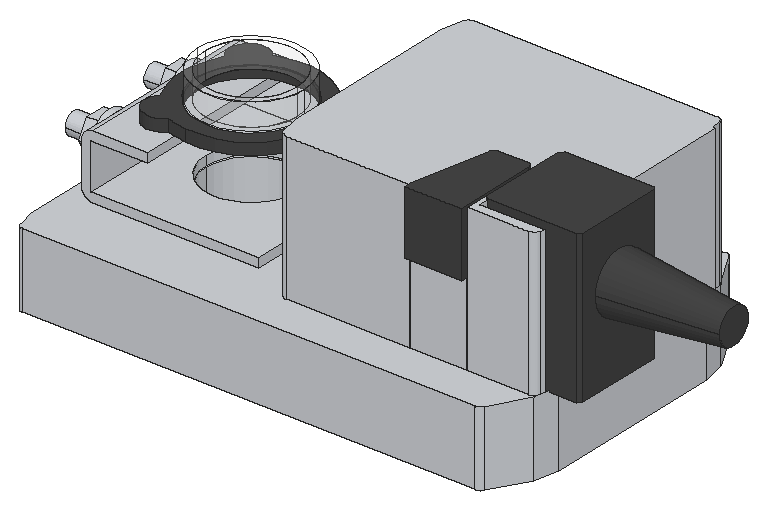
Revit family "ダンパ操作器_ver2019", category 電気設備, Revit 2019
Family settings
  パネル構成 = 2 列表示、回路横
  丸型コネクタ寸法 = 直径を使用
  パーツ タイプ = 配電盤
  作業面ベース = いいえ
  常に垂直 = はい
  ロード時にボイドで切り取り = いいえ
  共有 = いいえ
  部屋計算ポイント = いいえ
Parameters
  直径 [instance] = 10 mm
  ダクトφ [instance] = 25.998 mm
Reference planes
  plane 1 "中心(正面/背面)": y = 0
  plane 2: z = 0
  plane 3 "中心(左/右)": x = 0
Forms (mm)
  Extrusion 1, solid
    sketch origin (0, 0, 0) x (1, 0, 0) y (0, 1, 0)
      loop
        line (99.773, 44.001) -> (-26.936, 44.001)
        arc (-26.936, 44.001) -> (-28.194, 43.556) -> (-28.892, 42.419) r 1.998
        line (-28.892, 42.419) -> (-30, 37.202) -> (-30, -37.198) -> (-28.892, -42.414)
        arc (-28.892, -42.414) -> (-28.428, -43.534) -> (-27.308, -43.998) r 1.584
        line (-27.308, -43.998) -> (99.693, -43.998)
        arc (99.693, -43.998) -> (100.892, -43.676) -> (101.771, -42.798) r 2.399
        line (101.771, -42.798) -> (107.554, -32.781) -> (109.005, -25.953) -> (109.005, 25.958) -> (107.554, 32.785) -> (101.771, 42.803)
        arc (101.771, 42.803) -> (100.927, 43.66) -> (99.773, 44.001) r 2.399
    from 0 to 21
  Extrusion 2, solid
    sketch origin (0, 250.898, 0) x (1, 0, 0) y (0, 1, 0)
      loop
        line (105.888, -217.394) -> (37.647, -217.394)
        arc (37.647, -217.394) -> (36.389, -217.839) -> (35.692, -218.977) r 1.999
        line (35.692, -218.977) -> (34.406, -225.023) -> (34.406, -275.754) -> (35.692, -281.8)
        arc (35.692, -281.8) -> (36.389, -282.938) -> (37.647, -283.383) r 1.999
        line (37.647, -283.383) -> (72.327, -283.383) -> (76.964, -261.569)
        arc (76.964, -261.569) -> (77.662, -260.433) -> (78.92, -259.988) r 2
        line (78.92, -259.988) -> (86.4, -259.988)
        arc (86.4, -259.988) -> (87.814, -260.574) -> (88.4, -261.988) r 2
        line (88.4, -261.988) -> (88.4, -283.383) -> (105.888, -283.383)
        arc (105.888, -283.383) -> (107.146, -282.938) -> (107.844, -281.8) r 1.999
        line (107.844, -281.8) -> (108.082, -280.681) -> (89.897, -280.681) -> (89.897, -251.681) -> (108.998, -251.681) -> (108.998, -222.079) -> (108.37, -221.451) -> (107.855, -218.975)
        arc (107.855, -218.975) -> (107.155, -217.832) -> (105.888, -217.394) r 1.986
    from 21 to 62
  Extrusion 3, solid, material "プラスチック"
    sketch origin (0, 250.898, 0) x (1, 0, 0) y (0, 1, 0)
      loop
        line (90.298, -278.688) -> (91.298, -279.688) -> (116.298, -279.688) -> (117.298, -278.689) -> (117.298, -253.688) -> (116.298, -252.688) -> (91.298, -252.688) -> (90.298, -253.688) -> (90.298, -278.688)
    from 21 to 63.4
  Blend 4, solid, material "プラスチック"
    base sketch origin (-132.702, 454.065, 0) x (0, 1, 0) y (0, 0, 1)
      loop
        circle (-469.356, 45.9) r 5
    top sketch origin (0, 454.065, 0) x (0, 1, 0) y (0, 0, 1)
      loop
        circle (-469.356, 45.9) r 8.433
    from 282.301 to 117.298
  Extrusion 5, solid, material "プラスチック"
    sketch origin (0, 250.898, 0) x (1, 0, 0) y (0, 1, 0)
      loop
        arc (78.92, -259.988) -> (77.662, -260.433) -> (76.964, -261.569) r 2
        line (76.964, -261.569) -> (72.4, -283.041) -> (72.4, -285.21) -> (88.4, -285.21) -> (88.4, -261.988)
        arc (88.4, -261.988) -> (87.814, -260.574) -> (86.4, -259.988) r 2
        line (86.4, -259.988) -> (78.92, -259.988)
    from 44.334 to 62.4
  Extrusion 6, solid
    sketch origin (0, 250.898, 0) x (1, 0, 0) y (0, 1, 0)
      loop
        arc (78.913, -259.888) -> (77.511, -260.293) -> (76.724, -261.522) r 2.071
        line (76.724, -261.522) -> (72.327, -283.383) -> (88.483, -283.383) -> (88.639, -261.988)
        arc (88.639, -261.988) -> (87.983, -260.405) -> (86.401, -259.75) r 2.238
        line (86.401, -259.75) -> (78.913, -259.888)
    from 21 to 44.334
  Extrusion 7, solid, material "プラスチック(クリア)"
    sketch origin (0, 2.375, 0) x (1, 0, 0) y (0, 1, 0)
      loop
        circle (0, 0) r 15
      loop
        circle (-0.001, 0) r 13
    from 42.9 to 50.45
  Extrusion 8, solid, material "プラスチック"
    sketch origin (0, 252.763, 0) x (1, 0, 0) y (0, 1, 0)
      loop
        arc (-8.884, -232.019) -> (-16.303, -231.549) -> (-16.755, -238.969) r 5.25
        line (-16.755, -238.969) -> (-18.506, -244.242)
        arc (-18.506, -244.242) -> (-19.126, -246.588) -> (-19.45, -248.992) r 19.5
        arc (-19.45, -248.992) -> (-19.349, -252.81) -> (-18.506, -256.535) r 19.5
        line (-18.506, -256.535) -> (-16.755, -261.807)
        arc (-16.755, -261.807) -> (-16.303, -269.228) -> (-8.884, -268.758) r 5.25
        line (-8.884, -268.758) -> (-2.944, -269.665)
        arc (-2.944, -269.665) -> (19.5, -250.388) -> (-2.944, -231.112) r 19.5
        line (-2.944, -231.112) -> (-8.884, -232.019)
      loop
        circle (0, -250.388) r 15.491
    from 39.5 to 42.9
  Extrusion 9, solid
    sketch origin (0, 0, 0) x (1, 0, 0) y (0, 0, 1)
      loop
        line (-6.5, 39.5) -> (-22, 39.5)
        arc (-22, 39.5) -> (-24.121, 38.621) -> (-25, 36.5) r 3
        line (-25, 36.5) -> (-25, 24.5)
        arc (-25, 24.5) -> (-24.121, 22.379) -> (-22, 21.5) r 3
        line (-22, 21.5) -> (24.765, 21.5) -> (24.765, 24) -> (-22.5, 24) -> (-22.5, 37) -> (-6.5, 37) -> (-6.5, 39.5)
    from -26.002 to 25.953
  Extrusion 10, solid
    sketch origin (0, 0, 0) x (0, 1, 0) y (0, 0, 1)
      loop
        circle (13.802, 31) r 7
      loop
        circle (13.802, 31) r 3
    from -27 to -25
  Extrusion 11, solid
    sketch origin (0, 0, 0) x (0, 1, 0) y (0, 0, 1)
      loop
        line (8.068, 31) -> (10.935, 26.035) -> (16.668, 26.035) -> (19.535, 31) -> (16.668, 35.965) -> (10.935, 35.965) -> (8.068, 31)
    from -27 to -31
  Extrusion 12, solid
    sketch origin (0, 0, 0) x (0, 1, 0) y (0, 0, 1)
      loop
        circle (13.802, 31) r 3
    from -31 to -37
  Extrusion 13, solid
    sketch origin (0, -27.6, 0) x (0, 1, 0) y (0, 0, 1)
      loop
        circle (13.802, 31) r 7
      loop
        circle (13.802, 31) r 3
    from -27 to -25
  Extrusion 14, solid
    sketch origin (0, -27.6, 0) x (0, 1, 0) y (0, 0, 1)
      loop
        line (8.068, 31) -> (10.935, 26.035) -> (16.668, 26.035) -> (19.535, 31) -> (16.668, 35.965) -> (10.935, 35.965) -> (8.068, 31)
    from -27 to -31
  Extrusion 15, solid
    sketch origin (0, -27.6, 0) x (0, 1, 0) y (0, 0, 1)
      loop
        circle (13.802, 31) r 3
    from -31 to -37
  Extrusion 16, void
    sketch origin (0, 0, 0) x (1, 0, 0) y (0, 1, 0)
      loop
        circle (-0.002, 2.375) r 12.999
    from 0 to 24
Cuts and joins
  Extrusion 16 cuts Extrusion 1
  Extrusion 16 cuts Extrusion 9
Dimensions and locks
  "直径": diameter of Blend 4 sketch curve
  "ダクトφ": diameter of Extrusion 16 sketch curve
  aligned and locked: level to plane 2
Automatic sketch dimensions
  Extrusion 1 sketch curve to plane 3 "中心(左/右)" = 30 mm
  Extrusion 1 sketch curve to Extrusion 1 sketch curve = 1.109 mm  (x2)
  Extrusion 1 sketch curve to Extrusion 1 sketch curve = 1.584 mm
  Extrusion 1 sketch curve to Extrusion 1 sketch curve = 1.954 mm
  Extrusion 1 sketch curve to Extrusion 1 sketch curve = 0.002 mm
  Extrusion 1 sketch curve to plane 1 "中心(正面/背面)" = 41.603 mm
  plane 3 "中心(左/右)" to Extrusion 1 sketch curve = 99.693 mm
  plane 1 "中心(正面/背面)" to Extrusion 1 sketch curve = 41.599 mm
  Extrusion 1 sketch curve to Extrusion 1 sketch curve = 0 mm
  Extrusion 1 sketch curve to Extrusion 1 sketch curve = 0.08 mm
  plane 1 "中心(正面/背面)" to Extrusion 1 sketch curve = 42.798 mm
  Extrusion 1 sketch curve to Extrusion 1 sketch curve = 2.078 mm
  Extrusion 1 sketch curve to plane 1 "中心(正面/背面)" = 42.803 mm
  Extrusion 1 sketch curve to Extrusion 1 sketch curve = 1.997 mm
  Extrusion 1 sketch curve to plane 1 "中心(正面/背面)" = 32.785 mm
  Extrusion 1 sketch curve to Extrusion 1 sketch curve = 5.783 mm  (x2)
  plane 1 "中心(正面/背面)" to Extrusion 1 sketch curve = 32.781 mm
  plane 1 "中心(正面/背面)" to Extrusion 1 sketch curve = 25.953 mm
  Extrusion 1 sketch curve to Extrusion 1 sketch curve = 1.451 mm
  Extrusion 1 sketch curve to Extrusion 1 sketch curve = 5.216 mm
  Extrusion 1 sketch curve to Extrusion 1 sketch curve = 6.828 mm
  Extrusion 1 sketch curve to Extrusion 1 sketch curve = 6.799 mm
  Extrusion 1 sketch curve to Extrusion 1 sketch curve = 1.998 mm
  plane 3 "中心(左/右)" to Extrusion 2 sketch curve = 34.406 mm
  Extrusion 2 sketch curve to Extrusion 2 sketch curve = 1.285 mm  (x2)
  Extrusion 2 sketch curve to Extrusion 2 sketch curve = 1.956 mm  (x3)
  plane 1 "中心(正面/背面)" to Extrusion 2 sketch curve = 32.485 mm
  Extrusion 2 sketch curve to Extrusion 2 sketch curve = 34.68 mm
  plane 1 "中心(正面/背面)" to Extrusion 2 sketch curve = 10.67 mm
  Extrusion 2 sketch curve to Extrusion 2 sketch curve = 4.637 mm
  Extrusion 2 sketch curve to Extrusion 2 sketch curve = 1.955 mm
  Extrusion 2 sketch curve to Extrusion 2 sketch curve = 7.48 mm
  Extrusion 2 sketch curve to Extrusion 2 sketch curve = 16.073 mm
  plane 1 "中心(正面/背面)" to Extrusion 2 sketch curve = 0.782 mm
  Extrusion 2 sketch curve to Extrusion 2 sketch curve = 3.497 mm
  Extrusion 2 sketch curve to Extrusion 2 sketch curve = 15.991 mm  (x2)
  Extrusion 2 sketch curve to Extrusion 2 sketch curve = 0.022 mm
  plane 1 "中心(正面/背面)" to Extrusion 2 sketch curve = 30.901 mm
  Extrusion 2 sketch curve to plane 1 "中心(正面/背面)" = 31.923 mm
  Extrusion 2 sketch curve to Extrusion 2 sketch curve = 1.944 mm
  Extrusion 2 sketch curve to Extrusion 2 sketch curve = 0.238 mm
  Extrusion 2 sketch curve to plane 1 "中心(正面/背面)" = 29.448 mm
  Extrusion 2 sketch curve to Extrusion 2 sketch curve = 0.515 mm
  Extrusion 2 sketch curve to Extrusion 2 sketch curve = 19.101 mm
  Extrusion 2 sketch curve to Extrusion 2 sketch curve = 0 mm
  Extrusion 2 sketch curve to Extrusion 2 sketch curve = 1.584 mm
  Extrusion 2 sketch curve to Extrusion 2 sketch curve = 1.119 mm
  Extrusion 2 sketch curve to Extrusion 2 sketch curve = 6.046 mm
  Extrusion 2 sketch curve to Extrusion 2 sketch curve = 10.308 mm
  Extrusion 2 sketch curve to plane 1 "中心(正面/背面)" = 25.875 mm
  Extrusion 2 sketch curve to Extrusion 2 sketch curve = 0.629 mm
  Extrusion 2 sketch curve to Extrusion 2 sketch curve = 5.63 mm
  Extrusion 2 sketch curve to Extrusion 2 sketch curve = 0.404 mm
  plane 1 "中心(正面/背面)" to Extrusion 3 sketch curve = 27.79 mm
  plane 3 "中心(左/右)" to Extrusion 3 sketch curve = 90.298 mm
  Extrusion 3 sketch curve to Extrusion 3 sketch curve = 1 mm  (x5)
  plane 1 "中心(正面/背面)" to Extrusion 3 sketch curve = 1.79 mm
  Extrusion 3 sketch curve to Extrusion 3 sketch curve = 24.999 mm  (x2)
  plane 1 "中心(正面/背面)" to Extrusion 3 sketch curve = 27.791 mm
  Extrusion 3 sketch curve to Extrusion 3 sketch curve = 0.999 mm
  plane 1 "中心(正面/背面)" to Blend 4 sketch curve = 15.29 mm  (x2)
  level to Blend 4 sketch curve = 45.9 mm  (x2)
  plane 1 "中心(正面/背面)" to Extrusion 5 sketch curve = 34.311 mm
  plane 3 "中心(左/右)" to Extrusion 5 sketch curve = 72.4 mm
  plane 1 "中心(正面/背面)" to Extrusion 5 sketch curve = 10.67 mm
  Extrusion 5 sketch curve to Extrusion 5 sketch curve = 4.564 mm
  Extrusion 5 sketch curve to Extrusion 5 sketch curve = 1.955 mm
  Extrusion 5 sketch curve to Extrusion 5 sketch curve = 7.48 mm
  Extrusion 5 sketch curve to Extrusion 5 sketch curve = 2 mm
  Extrusion 5 sketch curve to Extrusion 5 sketch curve = 0.42 mm
  Extrusion 5 sketch curve to Extrusion 5 sketch curve = 2.169 mm
  plane 1 "中心(正面/背面)" to Extrusion 6 sketch curve = 32.485 mm
  plane 3 "中心(左/右)" to Extrusion 6 sketch curve = 72.327 mm
  plane 1 "中心(正面/背面)" to Extrusion 6 sketch curve = 10.624 mm
  Extrusion 6 sketch curve to Extrusion 6 sketch curve = 4.397 mm
  Extrusion 6 sketch curve to Extrusion 6 sketch curve = 2.026 mm
  plane 1 "中心(正面/背面)" to Extrusion 6 sketch curve = 8.99 mm
  Extrusion 6 sketch curve to Extrusion 6 sketch curve = 0.163 mm
  plane 1 "中心(正面/背面)" to Extrusion 6 sketch curve = 8.851 mm
  Extrusion 6 sketch curve to Extrusion 6 sketch curve = 7.488 mm
  Extrusion 6 sketch curve to Extrusion 6 sketch curve = 16.155 mm
  plane 1 "中心(正面/背面)" to Extrusion 6 sketch curve = 11.089 mm
  Extrusion 7 sketch curve to plane 3 "中心(左/右)" = 0 mm
  Extrusion 7 sketch curve to plane 3 "中心(左/右)" = 0.001 mm
  Extrusion 7 sketch curve to plane 1 "中心(正面/背面)" = 2.375 mm
  Extrusion 7 sketch curve to Extrusion 7 sketch curve = 0 mm
  Extrusion 8 sketch curve to Extrusion 8 sketch curve = 0 mm  (x14)
  Extrusion 8 sketch curve to plane 3 "中心(左/右)" = 16.755 mm  (x2)
  Extrusion 8 sketch curve to Extrusion 8 sketch curve = 3.927 mm  (x2)
  Extrusion 8 sketch curve to Extrusion 8 sketch curve = 3.944 mm  (x2)
  Extrusion 8 sketch curve to plane 3 "中心(左/右)" = 2.944 mm  (x2)
  plane 3 "中心(左/右)" to Extrusion 8 sketch curve = 0 mm
  plane 1 "中心(正面/背面)" to Extrusion 8 sketch curve = 16.901 mm
  Extrusion 8 sketch curve to Extrusion 8 sketch curve = 0.907 mm
  Extrusion 8 sketch curve to Extrusion 8 sketch curve = 3.465 mm
  Extrusion 8 sketch curve to plane 1 "中心(正面/背面)" = 2.375 mm
  Extrusion 8 sketch curve to plane 1 "中心(正面/背面)" = 13.794 mm
  Extrusion 8 sketch curve to Extrusion 8 sketch curve = 3.485 mm
  Extrusion 8 sketch curve to Extrusion 8 sketch curve = 1.751 mm  (x2)
  plane 1 "中心(正面/背面)" to Extrusion 8 sketch curve = 3.771 mm
  Extrusion 8 sketch curve to plane 1 "中心(正面/背面)" = 8.521 mm
  Extrusion 8 sketch curve to plane 1 "中心(正面/背面)" = 3.771 mm
  Extrusion 8 sketch curve to Extrusion 8 sketch curve = 0.944 mm
  Extrusion 9 sketch curve to plane 3 "中心(左/右)" = 25 mm
  Extrusion 9 sketch curve to Extrusion 9 sketch curve = 2.5 mm  (x3)
  Extrusion 9 sketch curve to Extrusion 9 sketch curve = 0.5 mm  (x2)
  Extrusion 9 sketch curve to plane 3 "中心(左/右)" = 6.5 mm
  plane 3 "中心(左/右)" to Extrusion 9 sketch curve = 24.765 mm
  level to Extrusion 9 sketch curve = 21.5 mm
  Extrusion 9 sketch curve to Extrusion 9 sketch curve = 12 mm
  Extrusion 10 sketch curve to Extrusion 10 sketch curve = 0 mm  (x2)
  Extrusion 10 sketch curve to plane 1 "中心(正面/背面)" = 13.802 mm
  level to Extrusion 10 sketch curve = 31 mm
  Extrusion 11 sketch curve to plane 1 "中心(正面/背面)" = 8.068 mm
  Extrusion 11 sketch curve to Extrusion 11 sketch curve = 2.867 mm  (x3)
  Extrusion 11 sketch curve to Extrusion 11 sketch curve = 5.733 mm  (x2)
  level to Extrusion 11 sketch curve = 26.035 mm
  Extrusion 11 sketch curve to Extrusion 11 sketch curve = 4.965 mm  (x3)
  Extrusion 12 sketch curve to Extrusion 12 sketch curve = 0 mm  (x2)
  Extrusion 12 sketch curve to plane 1 "中心(正面/背面)" = 13.802 mm
  level to Extrusion 12 sketch curve = 31 mm
  Extrusion 12 sketch curve to Extrusion 12 sketch curve = 3 mm
  Extrusion 13 sketch curve to Extrusion 13 sketch curve = 0 mm  (x2)
  plane 1 "中心(正面/背面)" to Extrusion 13 sketch curve = 13.798 mm
  level to Extrusion 13 sketch curve = 31 mm
  plane 1 "中心(正面/背面)" to Extrusion 14 sketch curve = 19.532 mm
  Extrusion 14 sketch curve to Extrusion 14 sketch curve = 2.867 mm  (x3)
  Extrusion 14 sketch curve to Extrusion 14 sketch curve = 5.733 mm  (x2)
  level to Extrusion 14 sketch curve = 26.035 mm
  Extrusion 14 sketch curve to Extrusion 14 sketch curve = 4.965 mm  (x3)
  Extrusion 15 sketch curve to Extrusion 15 sketch curve = 0 mm  (x2)
  plane 1 "中心(正面/背面)" to Extrusion 15 sketch curve = 13.798 mm
  level to Extrusion 15 sketch curve = 31 mm
  Extrusion 15 sketch curve to Extrusion 15 sketch curve = 3 mm
  Extrusion 16 sketch curve to plane 3 "中心(左/右)" = 0.002 mm
  Extrusion 16 sketch curve to plane 1 "中心(正面/背面)" = 2.375 mm
  radius of Blend 4 sketch curve = 8.433 mm
  radius of Extrusion 7 sketch curve = 15 mm
  radius of Extrusion 7 sketch curve = 13 mm
  radius of Extrusion 8 sketch curve = 15.491 mm
  radius of Extrusion 10 sketch curve = 7 mm
  radius of Extrusion 10 sketch curve = 3 mm
  radius of Extrusion 13 sketch curve = 7 mm
  radius of Extrusion 13 sketch curve = 3 mm
Connectors
  cabletrayconduit at (149.598, -15.29, 45.9), diameter 10, driven by "直径"
    settings: on Blend 4, index 1, connector width 300 mm, connector height 300 mm, connector angle 0.00°, system type 32, placement type 0, profile type 0, connector reference index -1, is primary connector yes, connector utility param no, connector description ""
  electrical at (47.436, 0.002, 21)
    settings: on Extrusion 1, index 2, voltage 0 V, apparent load 0 VA, apparent load phase1 0 VA, apparent load phase2 0 VA, apparent load phase3 0 VA, power factor 1, load classification "その他", number of poles 1, system type 14, power factor state 1, is connector primary yes, connector utility no, sub classification motor no, connector description ""
  hvac at (-0.002, 2.375, 24), driven by "ダクトφ"
    settings: on cut or joined group of Extrusion 9, Extrusion 16, index 3, duct flow 0.0 L/s, flow factor 0, pres drop 0.0 Pa, loss coef 0, conn angle 0.00°, conn width 304.8 mm, conn height 304.8 mm, conn diameter 25.998 mm, duct sys type 29, conn prof type 0, flow config 0, flow direction 0, loss method 0, conn ref index -1, conn util no, is conn primary yes, conn desc ""
